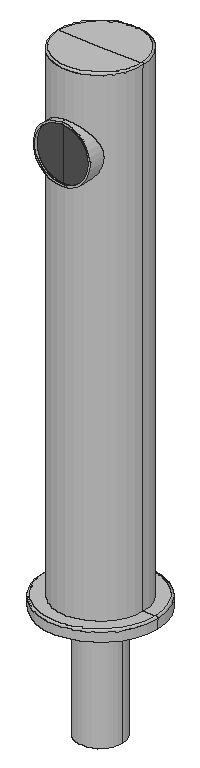
Revit family "Plumbing-Fix_Faucet_Stern_Tubular-L", category Plumbing Fixtures, host Face, Revit 2026
Family settings
  Host = Face
  Round Connector Dimension = Use Diameter
  Part Type = Normal
  Classification Number = 23.45.55.14
  Enable Cutting in Views = No
  Cut with Voids When Loaded = No
  Maintain Annotation Orientation = No
  Shared = No
  Room Calculation Point = No
Parameters (values of type "Battery Pack 1.58 GPM")
  Waste Connection = no
  Warranty Duration (Years) = 2
  WFU = 0
  Vent Connection = no
  Unit Width = 0' - 2"
  Unit Height = 0' - 0"
  URL = "http://www.sternfaucets.com/"
  Type Comments = "as Specified"
  Standards Conformance = "as Specified"
  Spout Reach = 0' - 0"
  Spout Height = 0' - 2 1/4"
  Specification = ""
  SpecWizard = ""
  Sales Information = "http://www.sternfaucets.com/contact-us/contact-us-int-l.html"
  Revision = "R1_2018-04"
  Product Properties = ""
  Product Features = "as Specified"
  Product Data = "http://www.arcat.com/arcatcos/cos50/arc50092.html"
  Power Supply = "6x AA Battery Pack"
  Piping_Inlet Diameter = 1/2"
  Piping_Flow = 0 GPM
  Operating Temperature Range = "Up to 149 F / 65 C"
  Operating Pressure Range = "7.26 - 116 PSI  ;  0.5 - 8 bar"
  Model = "Tubular Touch LB"
  Manufacturer Website = "http://www.sternfaucets.com/"
  Manufacturer Phone - Toll Free = "800-436-4410"
  Manufacturer Phone = ""
  Manufacturer Fax = ""
  Manufacturer Address = "777 Passaic Ave.  Clifton, NJ 07012"
  Manufacturer = "Stern Engineering"
  Maintenance Schedule (Months) = 0
  Keynote = "22 40 00"
  Installation Phase = ""
  HWFU = 1
  HW Connection = yes
  Green Building-LEED = ""
  Fixture Finish [instance] = Finish - Stern - Chrome
  Expected Lifespan (Years) = 0
  Drawn By = "Sumex Design, Inc. / Robert S. Weygant, CSI, CDT, SCIP"
  Description = "Stern Wall Mounted Faucet - Tubular Touch LB as Specified"
  Default Elevation = 0' - 0"
  Cost = 0
  Copyright = "©Arcat Inc."
  Construction Details = ""
  CWFU = 1
  CW Connection = yes
  Body Construction = ""
  Available Options = "as Specified"
  Assembly Code = "D2010300"
  Accent Color [instance] = Finish - Stern - Black
Types (10): name | Power Supply | Model | Description
  Battery Pack 1.58 GPM | "6x AA Battery Pack" | "Tubular Touch LB" | "Stern Wall Mounted Faucet - Tubular Touch LB as Specified"
  Battery Pack 1 GPM | "6x AA Battery Pack" | "Tubular Touch LB" | "Stern Wall Mounted Faucet - Tubular Touch LB as Specified"
  Battery Pack 0.8 GPM | "6x AA Battery Pack" | "Tubular Touch LB" | "Stern Wall Mounted Faucet - Tubular Touch LB as Specified"
  Battery Pack 0.5 GPM | "6x AA Battery Pack" | "Tubular Touch LB" | "Stern Wall Mounted Faucet - Tubular Touch LB as Specified"
  Battery Pack 0.35 GPM | "6x AA Battery Pack" | "Tubular Touch LB" | "Stern Wall Mounted Faucet - Tubular Touch LB as Specified"
  Transformer 1.58 GPM | "9V Transformer" | "Tubular Touch LE" | "Stern Wall Mounted Faucet - Tubular Touch LE as Specified"
  Transformer 1 GPM | "9V Transformer" | "Tubular Touch LE" | "Stern Wall Mounted Faucet - Tubular Touch LE as Specified"
  Transformer 0.8 GPM | "9V Transformer" | "Tubular Touch LE" | "Stern Wall Mounted Faucet - Tubular Touch LE as Specified"
  Transformer 0.5 GPM | "9V Transformer" | "Tubular Touch LE" | "Stern Wall Mounted Faucet - Tubular Touch LE as Specified"
  Transformer 0.35 GPM | "9V Transformer" | "Tubular Touch LE" | "Stern Wall Mounted Faucet - Tubular Touch LE as Specified"
Reference planes (in)
  plane 1 "Center (Front/Back)": y = 0
  plane 2: z = 0
  plane 3 "Center (Left/Right)": x = 0
  plane 4: z = 7.4375
Forms (in)
  Extrusion 1, solid, material "Finish - Stern - Chrome" <- "Fixture Finish"
    sketch origin (0, 0, 0) x (1, 0, 0) y (0, 1, 0)
      loop
        circle (0, 0) r 0.39132
    from 0 to -2
  Revolve 2, solid, material "Finish - Stern - Chrome" <- "Fixture Finish"
    sketch origin (0, 0, 0) x (1, 0, 0) y (0, 0, 1)
      loop
        line (0, 0) -> (0, 8.75) -> (-0.71875, 8.75)
        arc (-0.71875, 8.75) -> (-0.74085, 8.74085) -> (-0.75, 8.71875) r 0.03125
        line (-0.75, 8.71875) -> (-0.75, 0.1875) -> (-0.96875, 0.1875)
        arc (-0.96875, 0.1875) -> (-0.99085, 0.17835) -> (-1, 0.15625) r 0.03125
        line (-1, 0.15625) -> (-1, 0) -> (0, 0)
      axis (0, 8.75) -> (0, 0)
    angle from 0 to 360
  Revolve 3, solid, material "Finish - Stern - Chrome" <- "Fixture Finish"
    sketch origin (0, 0.14844, -1.5625) x (0, 1, 0) y (0, 0, 1)
      loop
        line (-0.53976, 9) -> (-0.53976, 9.5) -> (-0.98763, 9.5) -> (-0.98763, 9.46875) -> (-0.95638, 9.46875) -> (-0.95638, 9) -> (-0.53976, 9)
      axis (-0.98763, 9) -> (-0.53976, 9)
    angle from 0 to 360
Dimensions and locks (in)
  aligned and locked: plane 2 to host face
  aligned and locked: level to host face
Connectors (in)
  piping at (0, 0, -2), diameter 0.5, driven by "Piping_Flow", driven by "Piping_Inlet Diameter"
    settings: on Extrusion 1, index 2, connector inside diameter 24", connector length 0' - 0", flow factor 0, pipe flow 0 GPM, pressure drop 0.00 psi, fitting loss kfactor 0, connector angle 0.00°, fixture units 0, engagement length 0' - 0", angle of deflection 0.00°, flow configuration 0, flow direction 1, fitting loss method 0, system type 22, joint type 0, gender type 0, connector reference index -1, connector utility 0, adjustable connector no, is connector primary yes, connector description "Tempered Inlet"
  electrical at (0, 0, 0)
    settings: on Revolve 2, index 3, voltage 0 V, apparent load 0 VA, apparent load phase1 0 VA, apparent load phase2 0 VA, apparent load phase3 0 VA, power factor 1, load classification "Other", number of poles 1, system type 13, power factor state 1, is connector primary yes, connector utility no, sub classification motor no, connector description ""
